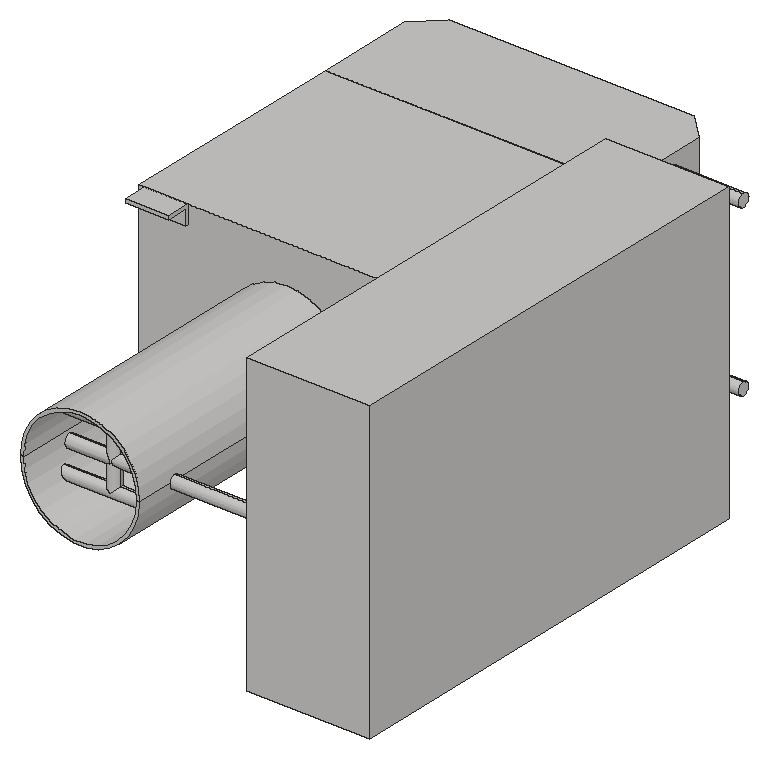
Revit family "Terminal_Unit-Carnes-AVWE-Single_Duct-Hot_Water-2_Row", category Mechanical Equipment, Revit 2012
Parameters (values of type "See Type Catalog")
  ecoScorecard_data = ""
  ecoScorecard Product Page = "http://ecoscorecard.com/"
  Warranty = ""
  Unit = Metal - Carnes - Steel
  URL = "http://www.carnes.com/index.html"
  Subcategory = "Air Volume Terminal Units"  # constant formula
  Spec Sheet URL = "http://www.carnes.com/terminalunits/pdf/20123.pdf"
  Product Page URL = "http://www.carnes.com/TerminalUnits/AVWE.htm"
  Parts List URL = ""
  OD Connection Radius = OD Connection Diameter / 2  # 1/4"
  OD Connection Diameter = 1/2"
  OD Connection 2 = "OD Connection 2"  # constant formula
  OD Connection 1 = "OD Connection 1"  # constant formula
  Motor Type = ""
  Modeling Numbering System = "http://www.carnes.com/terminalunits/pdf/B32.pdf"
  Model = "AVWE05"
  Material = "Galvanized Steel"  # constant formula
  Manufacturer Toll Free Phone = ""
  Manufacturer Phone = "608-845-6411"
  Manufacturer Fax = "608-845-6470"
  Manufacturer Email = "mailto:carnes@carnes.com"
  Manufacturer Address = "448 S. Main St., P. O. Box 930040, Verona, WI 53593-0040"  # constant formula
  Manufacturer = "CARNES COMPANY"  # constant formula
  Inlet Width = 4 7/8"
  Inlet Radius = Inlet Width / 2  # 2 7/16"
  Inlet Height = 4 7/8"
  IOM Instructions URL = "http://www.carnes.com/terminalunits/pdf/18647.pdf"
  H = 3"
  G = 6 7/8"
  Flow Rate = 0.0 L/s
  F = 7 5/8"
  E = 17"
  Description = "Single Duct Terminal Units"  # constant formula
  Default Elevation = 0"
  Cost Info = "mailto:carnes@carnes.com"
  Catalog URL = "http://www.carnes.com/terminalunits/pdf/B28-33.pdf"
  CFM Range = "0-350 (0-165)"
  C = 25"
  B = 8"
  Assembly Code = "D3040200"
  A = 12"
  95 CSI = "15830"  # constant formula
  04 CSI = "23 34 23"  # constant formula
Reference planes (in)
  plane 1 "Center (Front/Back)": y = 0
  plane 2: z = 0
  plane 3 "Center (Left/Right)": x = 0
  plane 4: y = 12.5
  plane 5: y = -12.5
  plane 6: x = -6
  plane 7: x = 6
Dimensions and locks (in)
  equal spacing: plane 6, plane 3 "Center (Left/Right)", plane 7
  "A": plane 6 to plane 7
  equal spacing: plane 4, plane 1 "Center (Front/Back)", plane 5
  "C": plane 4 to plane 5
  aligned and locked: level to plane 2
  aligned and locked: level to nested 1
Nested families (in)
  nested 1: "1Row-New" at (0, 0, 6.0625) x (0, -1, 0) z (0, 0, 1), type "1Row-New"
Connectors (in)
  piping at (9, 10, 9.5), driven by "Flow Rate", driven by "OD Connection Radius", driven by "OD Connection 1"
    settings: on nested 1, index 1, connector radius 6.35 mm, flow factor 0, pipe flow 0.0 L/s, pressure drop 0.0 Pa, fitting loss kfactor 0, connector angle 0.00°, fixture units 0, engagement length 0", flow configuration 0, flow direction 0, fitting loss method 0, system type 7, joint type 0, gender type 0, connector reference index -1, connector utility 0, adjustable connector no, is connector primary yes, fitting loss table "", connector description "OD Connection 1"
  piping at (9, 10, 2.625), driven by "OD Connection Radius", driven by "OD Connection 2", driven by "Flow Rate"
    settings: on nested 1, index 2, connector radius 6.35 mm, flow factor 0, pipe flow 0.0 L/s, pressure drop 0.0 Pa, fitting loss kfactor 0, connector angle 0.00°, fixture units 0, engagement length 0", flow configuration 0, flow direction 0, fitting loss method 0, system type 7, joint type 0, gender type 0, connector reference index -1, connector utility 0, adjustable connector no, is connector primary no, fitting loss table "", connector description "OD Connection 2"
  hvac at (0, -12.5, 6.0625), driven by "Inlet Radius", driven by "Flow Rate"
    settings: on nested 1, index 3, duct flow 0.0 L/s, flow factor 0, pres drop 0.0 Pa, loss coef 0, conn angle 0.00°, conn width 304.8 mm, conn height 304.8 mm, conn radius 61.913 mm, duct sys type 1, conn prof type 0, flow config 0, flow direction 1, loss method 0, conn ref index -1, conn util no, is conn primary yes, conn desc ""
  hvac at (0, 11, 6.0625), driven by "B", driven by "A", driven by "Flow Rate"
    settings: on nested 1, index 4, duct flow 0.0 L/s, flow factor 0, pres drop 0.0 Pa, loss coef 0, conn angle 0.00°, conn width 304.8 mm, conn height 203.2 mm, conn radius 304.8 mm, duct sys type 1, conn prof type 1, flow config 0, flow direction 2, loss method 0, conn ref index -1, conn util no, is conn primary no, conn desc "Outlet"
Definition of nested family "1Row-New"
  Parameters (values of type "1Row-New")
    Unit = Metal - Carnes - Steel
    Square = C = 28"  # no
    Round-Duct = not(Square)  # yes
    Offset From base = 0"
    Lines = A > 13"  # no
    Line5 = Inlet Width > 15"  # no
    Line4 = Inlet Width = 4 7/8"  # yes
    Line3 = Inlet Width > 5"  # no
    Line2 = A > 19"  # no
    Inlet Height = 4 7/8"
    H = 3"
    G = 6 7/8"
    F = 7 5/8"
    E = 17"
    DD = D radius + 2"  # 4 5/16"
    D/4 = Inlet Height / 4  # 1 7/32"
    D radius = if(C = 28", Inlet Width / 2 + 6", Inlet Width / 2 - 1" / 8)  # 2 5/16"
    Inlet Width = 4 7/8"
    C = 25"
    Bracket Length = if(A = 12", 2", if(A = 14", 2", if(A = 14", 2", if(A = 16", 2", if(A = 20", 2 1/2", 3")))))  # 2"
    B = 8"
    A = 12"
  Reference planes (in)
    plane 1 "Center (Front/Back)": y = 0
    plane 2: z = 0
    plane 3 "Center (Left/Right)": x = 0
    plane 4: y = 6
    plane 5: y = -11
    plane 6: y = -6
    plane 7: z = 0
    plane 8: z = 3.8125
    plane 9: z = -3.8125
    plane 10: z = 4
    plane 11: z = -4
    plane 12: z = 2.4375
    plane 13: z = -2.4375
    plane 14: x = -12.5
    plane 15: x = 12.5
    plane 16: x = 11.5
    plane 17: x = -6.75
    plane 18: x = 2
    plane 19: z = 6.0625
    plane 20: z = -6.0625
    plane 21: y = 2.4375
    plane 22: y = -2.4375
    plane 23: y = 2.3125
    plane 24: y = -1.6875
    plane 25: x = -7.5
    plane 26: x = -2.75
    plane 27: z = 1.21875
    plane 28: z = -1.21875
    plane 29: x = 10.75
    plane 30: y = 1.8125
    plane 31: z = 3.25
    plane 32: x = -5.25
    plane 33: x = -0.25
    plane 34: y = 6.25
    plane 35: x = 3
    plane 36: y = -5.24442
    plane 37: y = 5.24442
    plane 38: y = -4
    plane 39: y = 4
    plane 40: x = 2
  Forms (in)
    Extrusion 1, solid, material "Metal - Carnes - Steel" <- "Unit", detail levels medium+fine
      sketch origin (0, 0, 0) x (1, 0, 0) y (0, 1, 0)
        loop
          line (-6.75, -11) -> (11.5, -11) -> (11.5, -6) -> (-6.75, -6) -> (-6.75, -11)
      from -6.0625 to 6.0625
    Extrusion 2, solid, material "Metal - Carnes - Steel" <- "Unit", detail levels medium+fine
      sketch origin (0, 0, 0) x (1, 0, 0) y (0, 1, 0)
        loop
          line (-7.5, 6) -> (-7.5, -6) -> (2, -6) -> (2, 6) -> (-7.5, 6)
      from -4 to 4
    Extrusion 3, solid, material "Metal - Carnes - Steel" <- "Unit", detail levels fine
      sketch origin (-40.92857, 6, 47.24409) x (-1, 0, 0) y (0, 0, 1)
        loop
          line (-40.67857, -49.74409) -> (-35.67857, -49.74409) -> (-35.67857, -44.74409) -> (-40.67857, -44.74409) -> (-40.67857, -49.74409)
      from 0 to 0.25
    Sweep 4, solid, material "Metal - Carnes - Steel" <- "Unit", detail levels medium+fine
      path origin (10.75, 0, 39.1875) x (0, 0, -1) y (0, 1, 0)
        loop
          line (37.96875, 2.3125) -> (37.96875, -2.3125)
      profile origin (10.75, 0, 1.21875) x (0, 0, -1) y (1, 0, 0)
        loop
          circle (0, 0) r 0.25
        loop
          circle (2.4375, 0) r 0.25
    Sweep 5, solid, material "Metal - Carnes - Steel" <- "Unit", detail levels medium+fine
      path origin (10.75, 0, 39.1875) x (0, 0, -1) y (0, 1, 0)
        loop
          line (40.40625, 0) -> (37.96875, 0)
      profile origin (10.75, 0, 0) x (0, -1, 0) y (1, 0, 0)
        loop
          circle (0, 0) r 0.25
    Sweep 6, solid, material "Metal - Carnes - Steel" <- "Unit", detail levels medium+fine
      path origin (10.75, 0, 36.68823) x (0, 0, -1) y (0, 1, 0)
        loop
          line (36.68823, -6) -> (36.68823, 1.8125)
      profile origin (10.75, -2.09375, 0) x (0, 0, 1) y (1, 0, 0)
        loop
          circle (0, 0) r 0.25
    Extrusion 7, solid, material "Metal - Carnes - Steel" <- "Unit", detail levels fine
      sketch origin (2, -60, 23.05387) x (0, 0, -1) y (0, 1, 0)
        loop
          line (19.05387, 64) -> (19.80387, 64) -> (19.80387, 65.75) -> (19.05387, 65.75) -> (19.05387, 64)
        loop
          line (19.05387, 56) -> (19.05387, 54.25) -> (19.80387, 54.25) -> (19.80387, 56) -> (19.05387, 56)
      from 0 to 1
    Extrusion 8, solid, material "Metal - Carnes - Steel" <- "Unit", detail levels coarse
      sketch origin (0, 0, 0) x (1, 0, 0) y (0, 1, 0)
        loop
          line (-12.5, 6) -> (-12.5, -11) -> (12.5, -11) -> (12.5, 6) -> (-12.5, 6)
      from -3.8125 to 3.8125
    Sweep 9, solid, material "Metal - Carnes - Steel" <- "Unit", visible <- "Square", detail levels medium+fine
      path origin (-41.32693, -60, 0) x (-1, 0, 0) y (0, -1, 0)
        loop
          line (-43.32693, -60) -> (-53.82693, -60)
      profile origin (7.25, 0, 0) x (0, 1, 0) y (0, 0, 1)
        loop
          line (-2.4375, -2.4375) -> (2.4375, -2.4375) -> (2.4375, 2.4375) -> (-2.4375, 2.4375) -> (-2.4375, -2.4375)
        loop
          line (2.3125, 2.3125) -> (-2.3125, 2.3125) -> (-2.3125, -2.3125) -> (2.3125, -2.3125) -> (2.3125, 2.3125)
    Revolve 10, solid, material "Metal - Carnes - Steel" <- "Unit", visible <- "Round-Duct", detail levels medium+fine
      sketch origin (-41.32693, -60, 0) x (-1, 0, 0) y (0, -1, 0)
        loop
          line (-43.32693, -62.3125) -> (-53.82693, -62.3125) -> (-53.82693, -62.4375) -> (-43.32693, -62.4375) -> (-43.32693, -62.3125)
        axis (-43.32693, -60) -> (-53.82693, -60)
      angle from 0 to 360
    Extrusion 11, void
      sketch origin (0, 0, 0) x (0, 1, 0) y (0, 0, 1)
        loop
          circle (0, 0) r 2.3125
        loop
          line (-4.3125, 4.3125) -> (-4.3125, -4.3125) -> (4.3125, -4.3125) -> (4.3125, 4.3125) -> (-4.3125, 4.3125)
      from 2 to 12.5
    Extrusion 12, void
      sketch origin (0, 0, 0) x (1, 0, 0) y (0, 0, 1)
        loop
          line (2.125, 3.875) -> (2.125, 3.25) -> (3, 3.25) -> (3, 3.875) -> (2.125, 3.875)
      from -6 to 6
  Cuts and joins
    Extrusion 11 cuts Sweep 4
    joined: Sweep 4, Sweep 5
    Extrusion 12 cuts Extrusion 7
  Lines and regions (in)
    symbolic lines, detail levels coarse
      curve 1: line (-12.5, 6, 0) -> (12.5, 6, 0)
      curve 2: line (-12.5, -11, 0) -> (-12.5, 6, 0)
      curve 3: line (12.5, -11, 0) -> (-12.5, -11, 0)
      curve 4: line (12.5, 6, 0) -> (12.5, -11, 0)
      curve 20: line (0, 6, 3.8125) -> (0, -11, 3.8125)
      curve 21: line (0, -11, -3.8125) -> (0, -11, 3.8125)
      curve 22: line (0, 6, -3.8125) -> (0, -11, -3.8125)
      curve 23: line (0, 6, -3.8125) -> (0, 6, 3.8125)
      curve 37: line (-12.5, 0, 3.8125) -> (12.5, 0, 3.8125)
      curve 38: line (12.5, 0, -3.8125) -> (12.5, 0, 3.8125)
      curve 39: line (-12.5, 0, -3.8125) -> (-12.5, 0, 3.8125)
      curve 40: line (-12.5, 0, -3.8125) -> (12.5, 0, -3.8125)
    symbolic lines, detail levels medium+fine
      curve 5: line (2, 6, 0) -> (-7.5, 6, 0)
      curve 6: line (-6.75, -6, 0) -> (11.5, -6, 0)
      curve 7: line (-6.75, -6, 0) -> (-6.75, -11, 0)
      curve 8: line (-6.75, -11, 0) -> (11.5, -11, 0)
      curve 9: line (11.5, -11, 0) -> (11.5, -6, 0)
      curve 10: line (2, -6, 0) -> (2, 6, 0)
      curve 24: line (0, -11, -6.0625) -> (0, -11, 6.0625)
      curve 25: line (0, -6, -3.8125) -> (0, -6, 3.8125)
      curve 26: line (0, 6, 4) -> (0, -6, 4)
      curve 27: line (0, 6, -4) -> (0, -6, -4)
      curve 28: line (0, 6, -4) -> (0, 6, 4)
      curve 29: line (0, -5.75, 3.75) -> (0, 5.75, 3.75)
      curve 30: line (0, 5.75, 3.75) -> (0, 5.75, -3.75)
      curve 31: line (0, 5.75, -3.75) -> (0, -5.75, -3.75)
      curve 32: line (0, -5.75, -3.75) -> (0, -5.75, 3.75)
      curve 33: line (0, -5, -4) -> (0, -5, -3.75)
      curve 34: line (0, 5, -3.75) -> (0, 5, -4)
      curve 35: line (0, 5, 4) -> (0, 5, 3.75)
      curve 36: line (0, -5, 3.75) -> (0, -5, 4)
      curve 41: line (-6.75, 0, 6.0625) -> (11.5, 0, 6.0625)
      curve 42: line (-6.75, 0, -6.0625) -> (11.5, 0, -6.0625)
      curve 43: line (11.5, 0, -6.0625) -> (11.5, 0, 6.0625)
      curve 44: line (-6.75, 0, -6.0625) -> (-6.75, 0, 6.0625)
      curve 45: line (11.5, 0, 2.4375) -> (12.5, 0, 2.4375)
      curve 46: line (11.5, 0, -2.4375) -> (12.5, 0, -2.4375)
      curve 47: line (12.5, 0, -2.4375) -> (12.5, 0, 2.4375)
      curve 48: line (-7.5, -6, 0) -> (-7.5, 6, 0)
      curve 49: line (12.5, -2.437, 0) -> (12.5, 2.4375, 0)
      curve 50: line (2, 2.4375, 0) -> (12.5, 2.4375, 0)
      curve 51: line (2, -2.437, 0) -> (12.5, -2.437, 0)
      curve 52: line (10.5, -6, 0) -> (10.5, -2.437, 0)
      curve 53: line (11, -6, 0) -> (11, -2.4375, 0)
      curve 60: line (-7.5, -6, 0) -> (-2.75, -6, 0)
      curve 61: line (0, -6, 4) -> (0, -6, 3.8125)
      curve 63: line (0, -6, 4) -> (0, -6, 6.0625)
      curve 64: line (0, -6, 6.0625) -> (0, -11, 6.0625)
      curve 65: line (0, -6, -6.0625) -> (0, -11, -6.0625)
      curve 66: line (0, -6, -6.0625) -> (0, -6, -3.8125)
    symbolic lines, detail levels fine
      curve 11: line (3, 5.75, 0) -> (2, 5.75, 0)
      curve 12: line (3, -5.75, 0) -> (3, -4, 0)
      curve 13: line (2, 4, 0) -> (3, 4, 0)
      curve 14: line (3, -4, 0) -> (2, -4, 0)
      curve 15: line (2, -5.75, 0) -> (3, -5.75, 0)
      curve 16: line (3, 4, 0) -> (3, 5.75, 0)
      curve 17: line (-5.25, 6.25, 0) -> (-5.25, 6, 0)
      curve 18: line (-5.25, 6.25, 0) -> (-0.25, 6.25, 0)
      curve 19: line (-0.25, 6.25, 0) -> (-0.25, 6, 0)
    symbolic lines, visible <- "Lines", detail levels medium+fine
      curve 54: line (-7.5, 0, 4) -> (2, 0, 4)
      curve 55: line (2, 0, 6.0625) -> (2, 0, 4)
      curve 58: line (2, 0, -6.0625) -> (2, 0, -4)
      curve 59: line (2, 0, -4) -> (-8.125, 0, -4)
      curve 62: line (0, -6, -3.8125) -> (0, -6, -4)
    symbolic lines, visible <- "Line2", detail levels medium+fine
      curve 56: line (11.5, 0, -2.4375) -> (2, 0, -2.4375)
      curve 57: line (2, 0, 2.4375) -> (11.5, 0, 2.4375)
  Dimensions and locks (in)
    equal spacing: plane 6, plane 1 "Center (Front/Back)", plane 4
    "A": plane 6 to plane 4
    "Offset From base": plane 7 to level
    equal spacing: plane 8, plane 7, plane 9
    "F": plane 8 to plane 9
    equal spacing: plane 10, plane 7, plane 11
    "B": plane 10 to plane 11
    equal spacing: plane 12, plane 7, plane 13
    "Inlet Height": plane 12 to plane 13
    equal spacing: plane 14, plane 3 "Center (Left/Right)", plane 15
    "C": plane 15 to plane 14
    locked: plane 5 to plane 6 at 5
    locked: plane 16 to plane 15 at 1
    locked: plane 17 to plane 16 at 18.25
    locked: plane 18 to plane 15 at 10.5
    equal spacing: plane 19, plane 7, plane 20
    plane 19 to plane 20 = 12 1/8"
    equal spacing: plane 22, plane 1 "Center (Front/Back)", plane 21
    "Inlet Width": plane 22 to plane 21
    locked: plane 21 to plane 23 at 0.125
    locked: plane 22 to plane 24 at 0.75
    locked: plane 14 to plane 25 at 5
    equal spacing: plane 25, plane 26, plane 18
    locked: plane 15 to plane 29 at 1.75
    locked: plane 30 to plane 23 at 0.5
    locked: plane 10 to Extrusion 7 sketch curve at 0.75
    locked: plane 10 to plane 31 at 0.75
    curve 52 to plane 29 to curve 53 = 1/4" locked, 1/4" locked
    plane 32 to plane 26 to plane 33 = 2 1/2" locked, 2 1/2" locked
    locked: plane 34 to plane 4 at 0.25
    locked: plane 18 to plane 35 at 1
    "D/4": plane 12 to plane 27
    "D/4": plane 13 to plane 28
    "Bracket Length": plane 39 to plane 4
    "Bracket Length": plane 38 to plane 6
    locked: plane 12 to Sweep 9 sketch curve at 0.125
    locked: Sweep 9 sketch curve to plane 22 at 0.125
    locked: plane 13 to Sweep 9 sketch curve at 0.125
    locked: plane 21 to Sweep 9 sketch curve at 0.125
    "DD": Extrusion 11 sketch curve to plane 7
    "DD": plane 7 to Extrusion 11 sketch curve
    "DD": Extrusion 11 sketch curve to plane 1 "Center (Front/Back)"
    "DD": plane 1 "Center (Front/Back)" to Extrusion 11 sketch curve
    locked: plane 35 to plane 40 at 1
    locked: plane 10 to Extrusion 12 sketch curve at 0.125
    locked: plane 40 to Extrusion 12 sketch curve at 0.125
    Extrusion 3 sketch curve to level to Extrusion 3 sketch curve = 2 1/2" locked, 2 1/2" locked
    Extrusion 3 sketch curve to plane 26 to Extrusion 3 sketch curve = 2 1/2" locked, 2 1/2" locked
    "D radius": radius of Extrusion 11 sketch curve
    aligned and locked: level to plane 2
    aligned and locked: plane 5 to Extrusion 1 sketch curve
    aligned and locked: Extrusion 1 sketch curve to plane 6
    aligned and locked: plane 16 to Extrusion 1 sketch curve
    aligned and locked: plane 17 to Extrusion 1 sketch curve
    aligned and locked: plane 19 to Extrusion 1
    aligned and locked: plane 20 to Extrusion 1
    aligned and locked: Extrusion 2 sketch curve to plane 4
    aligned and locked: plane 18 to Extrusion 2 sketch curve
    aligned and locked: Extrusion 2 sketch curve to plane 6
    aligned and locked: plane 10 to Extrusion 2
    aligned and locked: plane 11 to Extrusion 2
    aligned and locked: plane 25 to Extrusion 2 sketch curve
    aligned and locked: Sweep 4 sketch curve to plane 27  (x2)
    aligned and locked: Sweep 4 sketch curve to plane 29  (x2)
    aligned and locked: Sweep 4 sketch curve to plane 28
    aligned and locked: plane 1 "Center (Front/Back)" to Sweep 5 sketch curve
    aligned and locked: plane 29 to Sweep 5 sketch curve
    aligned and locked: plane 30 to Sweep 6 sketch curve
    aligned and locked: Sweep 6 sketch curve to plane 7
    aligned and locked: plane 6 to Sweep 6 sketch curve
    aligned and locked: Extrusion 7 sketch curve to plane 10
    aligned and locked: plane 10 to Extrusion 7 sketch curve
    aligned and locked: plane 7 to nested 1
    aligned and locked: Extrusion 7 to plane 31  (x2)
    aligned and locked: Extrusion 8 sketch curve to plane 4
    aligned and locked: plane 5 to Extrusion 8 sketch curve
    aligned and locked: curve 5 to nested 1
    aligned and locked: nested 1 to curve 6
    aligned and locked: curve 7 to Extrusion 1
    aligned and locked: curve 8 to Extrusion 1
    aligned and locked: curve 9 to Extrusion 1
    aligned and locked: curve 11 to Extrusion 7
    aligned and locked: curve 12 to Extrusion 7
    aligned and locked: curve 15 to Extrusion 7
    aligned and locked: Extrusion 7 to curve 16
    aligned and locked: curve 21 to plane 5
    aligned and locked: plane 4 to curve 23
    aligned and locked: plane 10 to curve 26
    aligned and locked: curve 27 to plane 11
    aligned and locked: plane 4 to curve 28
    aligned and locked: curve 29 to nested 1
    aligned and locked: curve 30 to nested 1
    aligned and locked: curve 31 to nested 1
    aligned and locked: curve 32 to nested 1
    aligned and locked: nested 1 to curve 33
    aligned and locked: curve 34 to nested 1
    aligned and locked: nested 1 to curve 35
    aligned and locked: curve 36 to nested 1
    aligned and locked: curve 38 to plane 15
    aligned and locked: curve 41 to plane 19
    aligned and locked: plane 20 to curve 42
    aligned and locked: curve 43 to plane 16
    aligned and locked: curve 44 to plane 17
    aligned and locked: plane 13 to curve 46
    aligned and locked: curve 47 to plane 15
    aligned and locked: plane 15 to curve 49
    aligned and locked: plane 6 to curve 53
    aligned and locked: plane 6 to curve 52
    aligned and locked: plane 9 to Extrusion 8
    aligned and locked: plane 8 to Extrusion 8
    aligned and locked: plane 14 to Extrusion 8
    aligned and locked: Extrusion 8 to plane 15
    aligned and locked: curve 37 to plane 8
    aligned and locked: curve 39 to plane 14
    aligned and locked: plane 9 to curve 40
    aligned and locked: curve 54 to plane 10
    aligned and locked: curve 55 to plane 18
    aligned and locked: curve 57 to curve 55
    aligned and locked: curve 57 to plane 12
    aligned and locked: plane 25 to nested 1
    aligned and locked: plane 14 to nested 1
    aligned and locked: curve 19 to plane 33
    aligned and locked: plane 32 to curve 17
    aligned and locked: curve 18 to plane 34
    aligned and locked: plane 25 to curve 5
    aligned and locked: nested 1 to curve 54
    aligned and locked: curve 56 to curve 58
    aligned and locked: curve 59 to Extrusion 2
    aligned and locked: plane 25 to curve 60
    aligned and locked: plane 26 to curve 60
    aligned and locked: curve 60 to plane 6
    aligned and locked: curve 61 to curve 25
    aligned and locked: Extrusion 2 to curve 62
    aligned and locked: plane 39 to curve 13
    aligned and locked: curve 14 to plane 38
    aligned and locked: Extrusion 7 to plane 38
    aligned and locked: plane 39 to Extrusion 7
    aligned and locked: plane 15 to Sweep 9 sketch curve
    aligned and locked: plane 18 to Sweep 9 sketch curve
    aligned and locked: plane 1 "Center (Front/Back)" to Sweep 9 sketch curve
    aligned and locked: Sweep 9 sketch curve to plane 22
    aligned and locked: plane 12 to Sweep 9 sketch curve
    aligned and locked: plane 21 to Sweep 9 sketch curve
    aligned and locked: Sweep 9 sketch curve to plane 13
    aligned and locked: Sweep 9 to Sweep 4 sketch curve  (x2)
    aligned and locked: Extrusion 1 to curve 56
    aligned and locked: Extrusion 1 to curve 57
    aligned and locked: Extrusion 2 to curve 51
    aligned and locked: Extrusion 2 to curve 50
    aligned and locked: Sweep 9 to curve 53
    aligned and locked: curve 20 to plane 8
    aligned and locked: plane 9 to curve 22
    aligned and locked: curve 63 to plane 6
    aligned and locked: plane 10 to curve 63
    aligned and locked: curve 64 to plane 19
    aligned and locked: plane 20 to curve 65
    aligned and locked: plane 9 to curve 66
    aligned and locked: curve 66 to plane 6
    aligned and locked: curve 50 to plane 21
    aligned and locked: plane 22 to Sweep 9
    aligned and locked: Revolve 10 sketch curve to plane 23
    aligned and locked: Revolve 10 sketch curve to plane 21
    aligned and locked: plane 15 to Revolve 10 sketch curve
    aligned and locked: plane 18 to Revolve 10 sketch curve
    aligned and locked: plane 1 "Center (Front/Back)" to Revolve 10 sketch curve
    aligned and locked: Extrusion 11 to plane 18
    aligned and locked: plane 15 to Extrusion 11
    aligned and locked: Extrusion 7 to plane 40
    aligned and locked: plane 35 to Extrusion 7
    aligned and locked: plane 31 to Extrusion 12 sketch curve
    aligned and locked: plane 6 to Extrusion 12
    aligned and locked: plane 4 to Extrusion 12
    aligned and locked: plane 35 to Extrusion 12 sketch curve
  Automatic sketch dimensions
    Sweep 5 sketch curve to plane 1 "Center (Front/Back)" = 0"
    Sweep 5 sketch curve to plane 27 = 0"
    plane 28 to Sweep 5 sketch curve = 0"
    plane 18 to curve 58 = 0"
    curve 45 to plane 12 = 0"
    curve 59 to plane 25 = 5/8"
    curve 1 to plane 4 = 0"
    curve 1 to plane 14 = 0"
    plane 5 to curve 7 = 0"
    curve 7 to plane 17 = 0"
    plane 35 to curve 15 = 0"
    plane 35 to curve 16 = 0"
    curve 6 to plane 16 = 0"
    curve 3 to plane 15 = 0"
    plane 5 to curve 9 = 0"
    curve 19 to plane 4 = 0"
    curve 10 to curve 15 = 1/4"
    curve 52 to plane 22 = 0.0005"
    curve 16 to plane 4 = 1/4"
    Sweep 6 sketch curve to plane 29 = 0"
    Sweep 6 sketch curve to profile plane = 0"
    Extrusion 7 sketch curve to plane 31 = 0"
    Extrusion 7 sketch curve to plane 39 = 0"
    Extrusion 7 sketch curve to plane 38 = 0"
    plane 4 to Extrusion 7 sketch curve = 1/4"
    Extrusion 7 sketch curve to plane 6 = 1/4"
    Extrusion 8 sketch curve to plane 14 = 0"
    Extrusion 8 sketch curve to plane 15 = 0"
    curve 65 to plane 5 = 0"
    plane 9 to curve 62 = 0"
    curve 25 to plane 8 = 0"
    Revolve 10 sketch curve to plane 29 = 1 3/4"
    plane 35 to Revolve 10 sketch curve = 2"
    Extrusion 11 sketch curve to plane 1 "Center (Front/Back)" = 0"
    Extrusion 11 sketch curve to plane 7 = 0"
    radius of Sweep 5 sketch curve = 1/4"
    radius of Sweep 4 sketch curve = 1/4"  (x2)
    radius of Sweep 6 sketch curve = 1/4"
  Nested families (in)
    nested 1: "Family3" at (-10, 0, -4) x (0, 1, 0) z (0, 0, 1), type "Family3"
      with Thickness 5", Lines no, Line no, G 6 7/8", B 8", A 12"
  Definition of nested family "Family3"
    Parameters (values of type "Family3")
      Unit = Metal - Carnes - Steel
      Thickness [instance] = 7.38026"
      Lines = A > 13"  # yes
      Line = A > 13"  # yes
      Hatch = Metal - Carnes - Aluminium
      H = 3"
      G = 11 7/8"
      B = 12 1/2"
      A = 14"
    Reference planes (in)
      plane 1 "Center (Front/Back)": y = 0
      plane 2: z = 0
      plane 3 "Center (Left/Right)": x = 0
      plane 4: x = -7
      plane 5: x = 7
      plane 6: z = 12.5
      plane 7: x = -10
      plane 8: z = 12.1875
      plane 9 "Center": z = 6.25
      plane 10: z = 0.3125
      plane 11: y = 3.69013
      plane 12: y = -3.69013
      plane 13: x = 7.69576
      plane 14: y = 0.25
      plane 15: y = -0.25
      plane 16: z = 2.00893
      plane 17: z = 3.70536
      plane 18: z = 5.40179
      plane 19: z = 7.09821
      plane 20: z = 8.79464
      plane 21: z = 10.49107
      plane 22: y = -3.06513
      plane 23: z = 12.3125
      plane 24: z = 0.1875
      plane 25: y = -4.44013
    Forms (in)
      Sweep 1, solid, material "Metal - Carnes - Steel" <- "Unit", detail levels medium+fine
        path origin (0, 0, 0) x (1, 0, 0) y (0, 0, 1)
          loop
            line (-10, 0.3125) -> (7, 0.3125)
            arc (7, 0.3125) -> (7.84821, 1.16071) -> (7, 2.00893) r 0.84821
            line (7, 2.00893) -> (-7, 2.00893)
            arc (-7, 2.00893) -> (-7.84821, 2.85714) -> (-7, 3.70536) r 0.84821
            line (-7, 3.70536) -> (7, 3.70536)
            arc (7, 3.70536) -> (7.84821, 4.55357) -> (7, 5.40179) r 0.84821
            line (7, 5.40179) -> (-7, 5.40179)
            arc (-7, 5.40179) -> (-7.84821, 6.25) -> (-7, 7.09821) r 0.84821
            line (-7, 7.09821) -> (7, 7.09821)
            arc (7, 7.09821) -> (7.84821, 7.94643) -> (7, 8.79464) r 0.84821
            line (7, 8.79464) -> (-7, 8.79464)
            arc (-7, 8.79464) -> (-7.84821, 9.64286) -> (-7, 10.49107) r 0.84821
            line (-7, 10.49107) -> (7, 10.49107)
            arc (7, 10.49107) -> (7.84821, 11.33929) -> (7, 12.1875) r 0.84821
            line (7, 12.1875) -> (-10, 12.1875)
        profile origin (-1.5, 0, 0.3125) x (0, 0, 1) y (0, -1, 0)
          loop
            circle (0, 0) r 0.25
      Extrusion 2, solid, material "Metal - Carnes - Steel" <- "Unit", detail levels medium+fine
        sketch origin (0, 0, 0) x (1, 0, 0) y (0, 0, 1)
          loop
            line (-7, 0) -> (7, 0) -> (7, 12.5) -> (-7, 12.5) -> (-7, 0)
          loop
            line (-6.75, 12.25) -> (-6.75, 0.25) -> (6.75, 0.25) -> (6.75, 12.25) -> (-6.75, 12.25)
        from -3.69013 to 3.69013
      Extrusion 3, solid, material "Metal - Carnes - Aluminium" <- "Hatch", detail levels medium+fine
        sketch origin (0, 0, 0) x (1, 0, 0) y (0, 0, 1)
          loop
            line (-6.75, 12.25) -> (-6.75, 0.25) -> (6.75, 0.25) -> (6.75, 12.25) -> (-6.75, 12.25)
        from -1 to 1
      Extrusion 4, void
        sketch origin (0, 0, 0) x (1, 0, 0) y (0, 1, 0)
          loop
            line (-7, 4.44013) -> (-7, 2.69013) -> (-6, 3.69013) -> (-6, 4.44013) -> (-7, 4.44013)
          loop
            line (7, 4.44013) -> (6, 4.44013) -> (6, 3.69013) -> (7, 2.69013) -> (7, 4.44013)
        from 12.5 to 0
    Cuts and joins
      Extrusion 4 cuts Sweep 1
      Extrusion 4 cuts Extrusion 2
      joined: Sweep 1, Extrusion 2
    Lines and regions (in)
      symbolic lines, detail levels medium+fine
        curve 1: line (6, 3.69013, 0) -> (-6, 3.69013, 0)
        curve 2: line (-6, 3.69013, 0) -> (-7, 2.69013, 0)
        curve 3: line (-7, 2.69013, 0) -> (-7, -3.69013, 0)
        curve 4: line (-7, -3.69013, 0) -> (7, -3.69013, 0)
        curve 5: line (7, -3.69013, 0) -> (7, 2.69013, 0)
        curve 6: line (7, 2.69013, 0) -> (6, 3.69013, 0)
        curve 7: line (-10, 0.25, 0) -> (-7, 0.25, 0)
        curve 8: line (-10, -0.25, 0) -> (-7, -0.25, 0)
        curve 9: line (-10, -0.25, 0) -> (-10, 0.25, 0)
        curve 10: line (7, 0.25, 0) -> (7.44576, 0.25, 0)
        curve 11: line (7, -0.25, 0) -> (7.44576, -0.25, 0)
        curve 12: arc (7.44576, 0.25, 0) -> (7.69576, 0, 0) -> (7.44576, -0.25, 0) r 0.25
        curve 13: line (0, 3.69013, 12.5) -> (0, -4.44013, 12.5)
        curve 14: line (0, -4.44013, 0) -> (0, 3.69013, 0)
        curve 15: line (0, 3.69013, 0) -> (0, 3.69013, 0.25)
        curve 16: line (0, 3.69013, 0.25) -> (0, 2.94013, 0.25)
        curve 17: line (0, 2.94013, 0.25) -> (0, 2.94013, 12.25)
        curve 18: line (0, 2.94013, 12.25) -> (0, 3.69013, 12.25)
        curve 19: line (0, 2.69013, 12.5) -> (0, 2.69013, 0)
        curve 20: line (0, 3.69013, 12.25) -> (0, 3.69013, 12.5)
        curve 21: arc (7, 0, 12.4375) -> (8.09821, 0, 11.33929) -> (7, 0, 10.24107) r 1.09821
        curve 22: arc (7, 0, 10.74107) -> (7.59821, 0, 11.33929) -> (7, 0, 11.9375) r 0.59821
        curve 23: arc (7, 0, 7.34821) -> (7.59821, 0, 7.94643) -> (7, 0, 8.54464) r 0.59821
        curve 24: arc (7, 0, 6.84821) -> (8.09821, 0, 7.94643) -> (7, 0, 9.04464) r 1.09821
        curve 25: arc (7, 0, 3.95536) -> (7.59821, 0, 4.55357) -> (7, 0, 5.15179) r 0.59821
        curve 26: arc (7, 0, 3.45536) -> (8.09821, 0, 4.55357) -> (7, 0, 5.65179) r 1.09821
        curve 27: arc (7, 0, 0.5625) -> (7.59821, 0, 1.16071) -> (7, 0, 1.75893) r 0.59821
        curve 28: arc (7, 0, 0.0625) -> (8.09821, 0, 1.16071) -> (7, 0, 2.25893) r 1.09821
        curve 29: arc (-7, 0, 9.04464) -> (-7.59821, 0, 9.64286) -> (-7, 0, 10.24107) r 0.59821
        curve 30: arc (-7, 0, 8.54464) -> (-8.09821, 0, 9.64286) -> (-7, 0, 10.74107) r 1.09821
        curve 31: arc (-7, 0, 5.65179) -> (-7.59821, 0, 6.25) -> (-7, 0, 6.84821) r 0.59821
        curve 32: arc (-7, 0, 5.15179) -> (-8.09821, 0, 6.25) -> (-7, 0, 7.34821) r 1.09821
        curve 33: arc (-7, 0, 2.25893) -> (-7.59821, 0, 2.85714) -> (-7, 0, 3.45536) r 0.59821
        curve 34: arc (-7, 0, 1.75893) -> (-8.09821, 0, 2.85714) -> (-7, 0, 3.95536) r 1.09821
        curve 35: line (-7, 0, 12.4375) -> (-10, 0, 12.4375)
        curve 36: line (-10, 0, 12.4375) -> (-10, 0, 11.9375)
        curve 37: line (-10, 0, 11.9375) -> (-7, 0, 11.9375)
        curve 38: line (-7, 0, 0.5625) -> (-10, 0, 0.5625)
        curve 39: line (-10, 0, 0.5625) -> (-10, 0, 0.0625)
        curve 40: line (-10, 0, 0.0625) -> (-7, 0, 0.0625)
        curve 41: arc (0, 0, 12.4375) -> (0, -0.25, 12.1875) -> (0, 0, 11.9375) r 0.25
        curve 42: arc (0, 0, 11.9375) -> (0, 0.25, 12.1875) -> (0, 0, 12.4375) r 0.25
        curve 43: line (0, -0.25, 8.79464) -> (0, -0.25, 10.49107)
        curve 44: line (0, 0.25, 8.79464) -> (0, 0.25, 10.49107)
        curve 45: arc (0, 0.25, 10.49107) -> (0, 0, 10.74107) -> (0, -0.25, 10.49107) r 0.25
        curve 46: arc (0, 0.25, 8.79464) -> (0, 0, 8.54464) -> (0, -0.25, 8.79464) r 0.25
        curve 47: line (0, -0.25, 5.40179) -> (0, -0.25, 7.09821)
        curve 48: line (0, 0.25, 5.40179) -> (0, 0.25, 7.09821)
        curve 49: arc (0, 0.25, 7.09821) -> (0, 0, 7.34821) -> (0, -0.25, 7.09821) r 0.25
        curve 50: arc (0, 0.25, 5.40179) -> (0, 0, 5.15179) -> (0, -0.25, 5.40179) r 0.25
        curve 51: line (0, -0.25, 2.00893) -> (0, -0.25, 3.70536)
        curve 52: line (0, 0.25, 2.00893) -> (0, 0.25, 3.70536)
        curve 53: arc (0, 0.25, 3.70536) -> (0, 0, 3.95536) -> (0, -0.25, 3.70536) r 0.25
        curve 54: arc (0, 0.25, 2.00893) -> (0, 0, 1.75893) -> (0, -0.25, 2.00893) r 0.25
        curve 55: arc (0, 0, 0.0625) -> (0, -0.25, 0.3125) -> (0, 0, 0.5625) r 0.25
        curve 56: arc (0, 0, 0.5625) -> (0, 0.25, 0.3125) -> (0, 0, 0.0625) r 0.25
      symbolic lines, visible <- "Lines", detail levels medium+fine
        curve 57: line (0, -3.69013, 0) -> (0, -3.69013, 0.1875)
        curve 58: line (0, -3.69013, 12.3125) -> (0, -3.69013, 12.5)
      symbolic lines, visible <- "Line", detail levels medium+fine
        curve 59: line (0, -3.69013, 12.3125) -> (0, -3.69013, 0.1875)
    Dimensions and locks (in)
      equal spacing: plane 5, plane 3 "Center (Left/Right)", plane 4
      "A": plane 5 to plane 4
      "B": plane 6 to level
      "H": plane 7 to plane 4
      equal spacing: plane 6, plane 9 "Center", level
      equal spacing: plane 8, plane 9 "Center", plane 10
      "G": plane 8 to plane 10
      equal spacing: plane 8, Sweep 1 sketch curve, Sweep 1 sketch curve, Sweep 1 sketch curve, Sweep 1 sketch curve, Sweep 1 sketch curve, Sweep 1 sketch curve, plane 10
      equal spacing: plane 12, plane 1 "Center (Front/Back)", plane 11
      "Thickness": plane 12 to plane 11
      locked: Extrusion 2 sketch curve to Extrusion 2 sketch curve at 0.25
      locked: plane 5 to Extrusion 2 sketch curve at 0.25
      locked: Extrusion 2 sketch curve to level at 0.25
      locked: plane 4 to Extrusion 2 sketch curve at 0.25
      locked: plane 5 to plane 13 at 0.69576
      plane 15 to plane 1 "Center (Front/Back)" to plane 14 = 1/4" locked, 1/4" locked
      equal spacing: plane 8, plane 21, plane 20, plane 19, plane 18, plane 17, plane 16, plane 10
      locked: plane 8 to curve 21 at 0.25
      locked: curve 21 to plane 21 at 0.25
      locked: curve 22 to plane 8 at 0.25
      locked: plane 21 to curve 22 at 0.25
      locked: plane 20 to curve 24 at 0.25
      locked: curve 24 to plane 19 at 0.25
      locked: curve 28 to plane 10 at 0.25
      locked: plane 16 to curve 28 at 0.25
      locked: plane 18 to curve 26 at 0.25
      locked: curve 26 to plane 17 at 0.25
      locked: plane 17 to curve 25 at 0.25
      locked: curve 25 to plane 18 at 0.25
      locked: curve 23 to plane 20 at 0.25
      locked: plane 19 to curve 23 at 0.25
      locked: curve 27 to plane 16 at 0.25
      locked: plane 10 to curve 27 at 0.25
      locked: plane 21 to curve 30 at 0.25
      locked: curve 29 to plane 21 at 0.25
      locked: plane 20 to curve 29 at 0.25
      locked: curve 30 to plane 20 at 0.25
      curve 31 to plane 19 to curve 32 = 1/4" locked, 1/4" locked
      curve 32 to plane 18 to curve 31 = 1/4" locked, 1/4" locked
      curve 33 to plane 17 to curve 34 = 1/4" locked, 1/4" locked
      curve 34 to plane 16 to curve 33 = 1/4" locked, 1/4" locked
      locked: plane 21 to curve 45 at 0.25
      locked: curve 46 to plane 20 at 0.25
      locked: plane 19 to curve 49 at 0.25
      locked: curve 50 to plane 18 at 0.25
      locked: plane 17 to curve 53 at 0.25
      locked: curve 54 to plane 16 at 0.25
      locked: plane 22 to plane 12 at 0.625
      locked: plane 23 to plane 9 "Center" at 6.0625
      locked: plane 9 "Center" to plane 24 at 6.0625
      locked: plane 12 to plane 25 at 0.75
      aligned and locked: level to plane 2
      aligned and locked: Sweep 1 sketch curve to plane 8
      aligned and locked: Extrusion 2 sketch curve to plane 4
      aligned and locked: Extrusion 2 sketch curve to plane 6
      aligned and locked: Extrusion 2 sketch curve to level
      aligned and locked: plane 5 to Extrusion 2 sketch curve
      aligned and locked: plane 11 to Extrusion 2
      aligned and locked: plane 12 to Extrusion 2
      aligned and locked: Extrusion 3 sketch curve to Extrusion 2  (x4)
      aligned and locked: Extrusion 4 to plane 6
      aligned and locked: Extrusion 4 to level
      aligned and locked: plane 7 to Sweep 1 sketch curve  (x2)
      aligned and locked: curve 1 to cut or joined group of Sweep 1, Extrusion 2, Extrusion 4
      aligned and locked: curve 2 to cut or joined group of Sweep 1, Extrusion 2, Extrusion 4
      aligned and locked: curve 3 to cut or joined group of Sweep 1, Extrusion 2, Extrusion 4
      aligned and locked: curve 4 to cut or joined group of Sweep 1, Extrusion 2, Extrusion 4
      aligned and locked: curve 5 to cut or joined group of Sweep 1, Extrusion 2, Extrusion 4
      aligned and locked: curve 6 to cut or joined group of Sweep 1, Extrusion 2, Extrusion 4
      aligned and locked: curve 9 to plane 7
      aligned and locked: curve 10 to plane 14
      aligned and locked: plane 15 to curve 11
      aligned and locked: curve 13 to cut or joined group of Sweep 1, Extrusion 2, Extrusion 4
      aligned and locked: curve 14 to cut or joined group of Sweep 1, Extrusion 2, Extrusion 4
      aligned and locked: curve 15 to cut or joined group of Sweep 1, Extrusion 2, Extrusion 4
      aligned and locked: curve 16 to cut or joined group of Sweep 1, Extrusion 2, Extrusion 4
      aligned and locked: curve 17 to cut or joined group of Sweep 1, Extrusion 2, Extrusion 4
      aligned and locked: cut or joined group of Sweep 1, Extrusion 2, Extrusion 4 to curve 18
      aligned and locked: curve 19 to cut or joined group of Sweep 1, Extrusion 2, Extrusion 4
      aligned and locked: plane 11 to cut or joined group of Sweep 1, Extrusion 2, Extrusion 4
      aligned and locked: cut or joined group of Sweep 1, Extrusion 2, Extrusion 4 to curve 22
      aligned and locked: cut or joined group of Sweep 1, Extrusion 2, Extrusion 4 to curve 23
      aligned and locked: cut or joined group of Sweep 1, Extrusion 2, Extrusion 4 to curve 24
      aligned and locked: cut or joined group of Sweep 1, Extrusion 2, Extrusion 4 to curve 25
      aligned and locked: cut or joined group of Sweep 1, Extrusion 2, Extrusion 4 to curve 26
      aligned and locked: cut or joined group of Sweep 1, Extrusion 2, Extrusion 4 to curve 27
      aligned and locked: cut or joined group of Sweep 1, Extrusion 2, Extrusion 4 to curve 28
      aligned and locked: cut or joined group of Sweep 1, Extrusion 2, Extrusion 4 to curve 29
      aligned and locked: cut or joined group of Sweep 1, Extrusion 2, Extrusion 4 to curve 30
      aligned and locked: cut or joined group of Sweep 1, Extrusion 2, Extrusion 4 to curve 31
      aligned and locked: cut or joined group of Sweep 1, Extrusion 2, Extrusion 4 to curve 32
      aligned and locked: cut or joined group of Sweep 1, Extrusion 2, Extrusion 4 to curve 33
      aligned and locked: cut or joined group of Sweep 1, Extrusion 2, Extrusion 4 to curve 34
      aligned and locked: curve 36 to cut or joined group of Sweep 1, Extrusion 2, Extrusion 4
      aligned and locked: cut or joined group of Sweep 1, Extrusion 2, Extrusion 4 to curve 37
      aligned and locked: cut or joined group of Sweep 1, Extrusion 2, Extrusion 4 to curve 38  (x2)
      aligned and locked: cut or joined group of Sweep 1, Extrusion 2, Extrusion 4 to curve 40
      aligned and locked: curve 41 to cut or joined group of Sweep 1, Extrusion 2, Extrusion 4
      aligned and locked: curve 42 to cut or joined group of Sweep 1, Extrusion 2, Extrusion 4
      aligned and locked: curve 43 to plane 15
      aligned and locked: plane 14 to curve 44
      aligned and locked: curve 55 to cut or joined group of Sweep 1, Extrusion 2, Extrusion 4
      aligned and locked: curve 56 to cut or joined group of Sweep 1, Extrusion 2, Extrusion 4
      aligned and locked: plane 15 to curve 51
      aligned and locked: curve 52 to plane 14
      aligned and locked: plane 15 to curve 47
      aligned and locked: curve 48 to plane 14
      aligned and locked: curve 59 to plane 12
      aligned and locked: plane 23 to curve 59
      aligned and locked: plane 24 to curve 59
      aligned and locked: plane 25 to curve 14
      aligned and locked: plane 25 to curve 13
    Automatic sketch dimensions
      curve 21 to curve 22 = 0"
      plane 4 to curve 35 = 0"
      plane 10 to curve 39 = 1/4"
      curve 38 to plane 10 = 1/4"
      curve 36 to plane 8 = 1/4"
      plane 8 to curve 35 = 1/4"
      curve 3 to plane 4 = 0"
      curve 8 to plane 4 = 0"
      curve 7 to plane 4 = 0"
      curve 1 to plane 11 = 0"
      curve 5 to plane 5 = 0"
      plane 12 to curve 4 = 0"
      curve 8 to plane 15 = 0"
      curve 7 to plane 14 = 0"
      curve 1 to plane 4 = 1"
      curve 1 to plane 5 = 1"
      plane 13 to curve 10 = 1/4"
      curve 6 to plane 11 = 1"
      curve 3 to plane 11 = 1"
      plane 4 to Sweep 1 sketch curve = 0"  (x3)
      Sweep 1 sketch curve to plane 5 = 0"  (x4)
      Sweep 1 sketch curve to plane 10 = 0"
      Sweep 1 sketch curve to plane 1 "Center (Front/Back)" = 0"
      profile plane to Sweep 1 sketch curve = 0"
      Extrusion 4 sketch curve to plane 4 = 0"
      Extrusion 4 sketch curve to plane 11 = 0"  (x2)
      Extrusion 4 sketch curve to plane 5 = 0"
      Extrusion 4 sketch curve to plane 4 = 1"
      Extrusion 4 sketch curve to plane 5 = 1"
      Extrusion 4 sketch curve to plane 11 = 1"  (x2)
      plane 11 to Extrusion 4 sketch curve = 3/4"  (x2)
      curve 20 to plane 11 = 0"
      curve 16 to plane 11 = 0"
      level to curve 17 = 1/4"
      curve 57 to level = 0"
      curve 19 to plane 6 = 0"
      radius of Sweep 1 sketch curve = 1/4"
Types in the file's own list only (10): name | OD Connection Radius | OD Connection Diameter | Model | Inlet Width | Inlet Radius | Inlet Height | H | G | F | E | CFM Range | C | B | A
  AVWE05 | 1/4" | 1/2" | "AVWE05" | 4 7/8" | 2 7/16" | 4 7/8" | 3" | 6 7/8" | 7 5/8" | 17" | "0-350 (0-165)" | 25" | 8" | 12"
  AVWE06 | 1/4" | 1/2" | "AVWE06" | 5 7/8" | 2 15/16" | 5 7/8" | 3" | 6 7/8" | 7 5/8" | 17" | "0-500 (0-236)" | 25" | 8" | 12"
  AVWE07 | 5/16" | 5/8" | "AVWE07" | 6 7/8" | 3 7/16" | 6 7/8" | 3" | 9 3/8" | 10 1/8" | 17" | "0-700 (0-330)" | 25" | 10" | 12"
  AVWE08 | 5/16" | 5/8" | "AVWE08" | 7 7/8" | 3 15/16" | 7 7/8" | 3" | 9 3/8" | 10 1/8" | 17" | "0-1000 (0-472)" | 25" | 10" | 12"
  AVWE10 | 5/16" | 5/8" | "AVWE10" | 9 7/8" | 4 15/16" | 9 7/8" | 3" | 11 7/8" | 12 5/8" | 19" | "0-1500 (0-708)" | 25" | 12 1/2" | 14"
  AVWE12 | 7/16" | 7/8" | "AVWE12" | 11 7/8" | 5 15/16" | 11 7/8" | 4" | 13" | 15 1/8" | 21" | "0-2300 (0-1085)" | 25" | 15" | 16"
  AVWE14 | 7/16" | 7/8" | "AVWE14" | 13 7/8" | 6 15/16" | 13 7/8" | 4" | 15 1/2" | 17 5/8" | 25" | "0-3100 (0-1463)" | 25" | 17 1/2" | 20"
  AVWE16 | 7/16" | 7/8" | "AVWE16" | 15 7/8" | 7 15/16" | 15 7/8" | 4" | 15 1/2" | 17 5/8" | 29" | "0-4200 (0-1982)" | 26" | 18" | 24"
  AVWE18 | 7/16" | 7/8" | "AVWE18" | 17 7/8" | 8 15/16" | 15 7/8" | 4" | 15 1/2" | 17 5/8" | 37" | "0-5500 (0-2596)" | 28" | 17 1/2" | 32"
  AVWE24 | 7/16" | 7/8" | "AVWE24" | 23 7/8" | 11 15/16" | 15 7/8" | 4" | 15 1/2" | 17 5/8" | 37" | "0-7300 (0-3445)" | 28" | 17 1/2" | 32"
